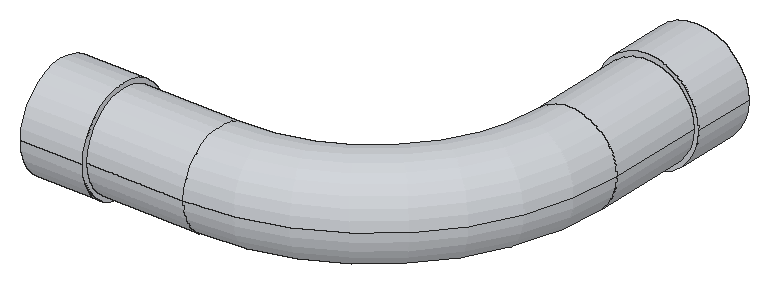
Revit family "Curvado - CPVC - HW", category Conexões de tubo, Revit 2019
Family settings
  Cota do conector redondo = Usar raio
  Tipo de parte = Cotovelo
  Com base no plano de trabalho = Não
  Sempre na vertical = Sim
  Corte com vazios quando carregada = Não
  Compartilhado = Não
Parameters (values of type "Padrão")
  Tamanho da marca de revisão [instance] = Diâmetro externo da conexão * 0.4  # 9.6 mm
  Profundidade do soquete [instance] = size_lookup(Nome da tabela de pesquisa, "SDpt", 0.5 * Diâmetro nominal + 6.00 mm, Diâmetro nominal)  # 16 mm
  Raio externo do soquete [instance] = Raio externo da conexão * 1.1  # 13.2 mm
  Raio nominal [instance] = 10 mm
  Diâmetro nominal [instance] = Raio nominal * 2  # 20 mm
  Model = ""
  Nome da tabela de pesquisa = "BR_Bend - CPVC - HW"
  Raio externo da conexão [instance] = Diâmetro externo da conexão / 2  # 12 mm
  Método de perda = Coeficiente K da tabela
  Comprimento [instance] = Raio do centro / 2  # 25 mm
  Tabela de coeficiente K = "Cotovelo rosqueado de raio longo"
  Diâmetro externo da conexão [instance] = size_lookup(Nome da tabela de pesquisa, "FOD", 1.1651 * Diâmetro nominal + 0.80 mm, Diâmetro nominal)  # 24 mm
  Centro para o soquete [instance] = Raio do centro * tan(Ângulo / 2)  # 50 mm
  Raio do centro [instance] = size_lookup(Nome da tabela de pesquisa, "CRad", 2.3211 * Diâmetro nominal + 4.10 mm, Diâmetro nominal)  # 50 mm
  Ângulo [instance] = 90.00°
Reference planes
  plane 1 "Centro (Frente/Trás)": y = 0
  plane 2: z = 0
  plane 3 "Centro (Esquerda/Direita)": x = 0
  plane 4: y = 50
  plane 5: x = -50
Forms (mm)
  Sweep 1, solid, detail levels fine
    path in 3D
      loop
        line (-75, 0, 0) -> (-50, 0, 0)
        arc (-50, 0, 0) -> (-14.645, 14.645, 0) -> (0, 50, 0) r 50
        line (0, 50, 0) -> (0, 75, 0)
    profile origin (-14.645, 14.645, 0) x (-0.707107, 0.707107, 0) y (0, 0, 1)
      loop
        circle (0, 0) r 12
  Sweep 2, solid, detail levels fine
    path in 3D
      loop
        line (-91, 0, 0) -> (-75, 0, 0)
    profile origin (-83, 0, 0) x (0, 1, 0) y (0, 0, 1)
      loop
        circle (0, 0) r 13.2
  Sweep 3, solid, detail levels fine
    path in 3D
      loop
        line (0, 91, 0) -> (0, 75, 0)
    profile origin (0, 83, 0) x (1, 0, 0) y (0, 0, 1)
      loop
        circle (0, 0) r 13.2
Cuts and joins
  joined: Sweep 1, Sweep 2, Sweep 3
Lines and regions (mm)
  reference lines
    curve 1: line (-50, 50, 0) -> (110, 50, 0)
    curve 2: line (0, 0, 0) -> (0, 160, 0)
    curve 3: arc (-50, 0, 0) -> (-14.645, 14.645, 0) -> (0, 50, 0) r 50
    curve 4: line (0, 50, 0) -> (0, 75, 0)
    curve 5: line (-75, 0, 0) -> (-50, 0, 0)
    curve 6: line (0, 91, 0) -> (0, 75, 0)
    curve 7: line (-91, 0, 0) -> (-75, 0, 0)
  sketch lines
    curve 8: arc (-50, 0, 0) -> (-14.645, 14.645, 0) -> (0, 50, 0) r 50
    curve 9: line (0, 50, 0) -> (0, 75, 0)
    curve 10: line (-75, 0, 0) -> (-50, 0, 0)
    curve 11: line (-91, 0, 0) -> (-75, 0, 0)
    curve 12: line (0, 91, 0) -> (0, 75, 0)
  model lines, detail levels coarse+medium
    curve 13: line (-75, 0, 0) -> (-50, 0, 0)
    curve 14: line (-91, 0, 0) -> (-75, 0, 0)
    curve 15: line (0, 50, 0) -> (0, 75, 0)
    curve 16: line (0, 91, 0) -> (0, 75, 0)
    curve 17: line (-91, 0, 0) -> (-91, 9.6, 0)
    curve 18: line (-91, 0, 0) -> (-91, -9.6, 0)
    curve 19: line (0, 91, 0) -> (-9.6, 91, 0)
    curve 20: line (0, 91, 0) -> (9.6, 91, 0)
    curve 21: arc (-50, 0, 0) -> (-14.645, 14.645, 0) -> (0, 50, 0) r 50
Dimensions and locks
  "Raio do centro": plane 1 "Centro (Frente/Trás)" to plane 4
  "Centro para o soquete": plane 5 to plane 3 "Centro (Esquerda/Direita)"
  "Comprimento": curve 1 to curve 6
  "Profundidade do soquete": curve 6 to curve 6
  "Comprimento": curve 5 to plane 5
  "Profundidade do soquete": curve 7 to curve 7
  "Comprimento": curve 1 to curve 15
  "Profundidade do soquete": curve 16 to Sweep 3
  "Tamanho da marca de revisão": plane 1 "Centro (Frente/Trás)" to curve 17
  "Tamanho da marca de revisão": curve 18 to plane 1 "Centro (Frente/Trás)"
  "Tamanho da marca de revisão": curve 19 to curve 16
  "Tamanho da marca de revisão": curve 16 to curve 20
  "Raio do centro": radius of curve 3
  "Raio externo da conexão": radius of Sweep 1 sketch curve
  "Raio externo do soquete": radius of Sweep 2 sketch curve
  "Raio externo do soquete": radius of Sweep 3 sketch curve
  "Raio do centro": radius of curve 21
  "Ângulo": angle plane 1 "Centro (Frente/Trás)" to curve 2
  "Ângulo": angle plane 5 to curve 1
  locked: curve 1 to curve 4 (angle 90.00°)
  locked: curve 1 to curve 6 (angle 90.00°)
  locked: curve 1 to curve 15 (angle 90.00°)
  locked: curve 1 to curve 16 (angle 90.00°)
  locked: curve 16 to curve 20 (angle 90.00°)
  locked: curve 19 to curve 16 (angle 90.00°)
  aligned and locked: level to plane 2
  aligned and locked: plane 4 to curve 1
  aligned and locked: plane 5 to curve 1
  aligned and locked: plane 3 "Centro (Esquerda/Direita)" to curve 2
  aligned and locked: plane 1 "Centro (Frente/Trás)" to curve 2
  aligned and locked: plane 1 "Centro (Frente/Trás)" to curve 3
  aligned and locked: curve 4 to curve 3
  aligned and locked: plane 1 "Centro (Frente/Trás)" to curve 5
  aligned and locked: Sweep 2 to curve 13
  aligned and locked: Sweep 2 to curve 14
  aligned and locked: curve 4 to curve 15
  aligned and locked: curve 1 to curve 15
  aligned and locked: plane 5 to curve 21
  aligned and locked: curve 13 to curve 5
Automatic sketch dimensions
  Sweep 1 sketch curve to profile plane = 0.00 mm
  profile plane to Sweep 1 sketch curve = 0.00 mm
  Sweep 2 sketch curve to profile plane = 0.00 mm  (x2)
  Sweep 3 sketch curve to profile plane = 0.00 mm  (x2)
  curve 5 to plane 5 = 0.00 mm
Connectors
  piping at (-91, 0, 0), diameter 20, driven by "Raio nominal", driven by "Ângulo"
    settings: on Sweep 2, index 1, connector inside diameter 20 mm, connector length 0.00 mm, flow factor 0, pipe flow 0.0 L/s, pressure drop 0.0 Pa, fitting loss kfactor 0, connector angle 90.00°, fixture units 0, engagement length 0.00 mm, angle of deflection 0.00°, flow configuration 0, flow direction 0, fitting loss method 0, system type 28, joint type 0, gender type 0, connector reference index 2, connector utility 0, adjustable connector no, is connector primary yes, connector description ""
  piping at (0, 91, 0), diameter 20, driven by "Raio nominal", driven by "Ângulo"
    settings: on Sweep 3, index 2, connector inside diameter 20 mm, connector length 0.00 mm, flow factor 0, pipe flow 0.0 L/s, pressure drop 0.0 Pa, fitting loss kfactor 0, connector angle 90.00°, fixture units 0, engagement length 0.00 mm, angle of deflection 0.00°, flow configuration 0, flow direction 0, fitting loss method 0, system type 28, joint type 0, gender type 0, connector reference index 1, connector utility 0, adjustable connector no, is connector primary no, connector description ""
